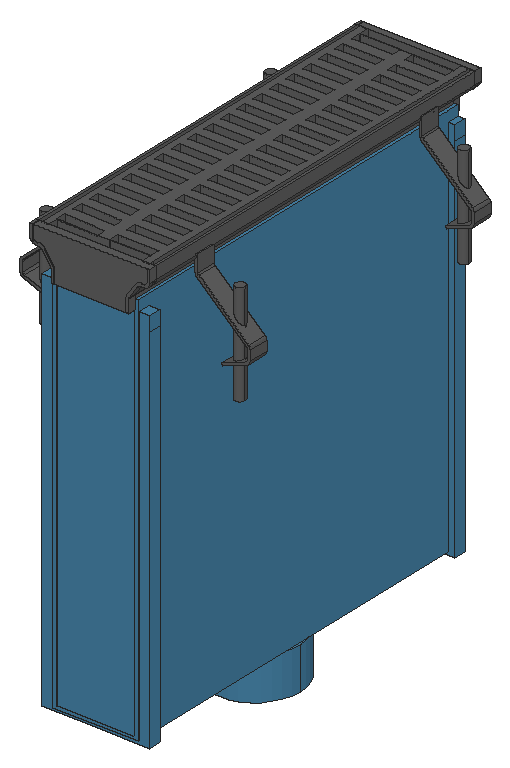
Revit family "Basin_Catch_6X20-Zurn-ZF817-6", category Plumbing Fixtures, Revit 2022
Family settings
  Round Connector Dimension = Use Radius
  Part Type = Normal
  OmniClass Number = 23.70.50.21.24.14
  OmniClass Title = Deck Waste Water Drains
  Work Plane-Based = No
  Always vertical = Yes
  Cut with Voids When Loaded = No
  Maintain Annotation Orientation = No
  Shared = No
  Room Calculation Point = No
Parameters (values of type "ZF817-6 With 4 Inch No Hub Bottom Outlet")
  Waste Connection = 1 = 1  # yes
  WFU = 1  # constant formula
  Vent Connection = 1 = 0  # no
  URL = "www.zurn.com"
  Type Comments = "ZF817-6 With 4 Inch No Hub End Outlet"
  Product data url = "https://www.bimobject.com/en-us/zurnindustries/product/zurn-zf817-6"
  Product Page URL = "https://www.zurn.com/products/drainage-interceptors/trench-drain-systems/catch-basin/zf817-6"
  Product Documentation Link = "https://files.zurn.com/spec-sheets/zf817-6.pdf"
  Pipe Size_A Outer Radius = Pipe Size_A Outer Diameter / 2  # 2.250"
  Pipe Size_A Outer Diameter = 4.500"
  Pipe Size_A Nominal Radius = Pipe Size_A Nominal Diameter / 2  # 2.000"
  Pipe Size_A Nominal Diameter = 4.000"
  Pipe Size_A Inside Radius = Pipe Size_A Inside Diameter / 2  # 2.013"
  Pipe Size_A Inside Diameter = 4.026"
  Modified Date = "12/22/2025"  # constant formula
  Model = "ZF817-6"
  Material_Grate [instance] = Iron - Zurn - Cast - Ductile - Painted Black
  Manufacurer Brand = "Zurn"  # constant formula
  Manufacturer = "Zurn Water, LLC"  # constant formula
  Main Material = Polymer - Zurn - Fiber Reinforced Blue
  HWFU = 0  # constant formula
  HW Connection = 1 = 0  # no
  Grate Open Area = 0 mm
  End Outlet = no
  Description = "6 [152] X 20 [508]  REVEAL  FIBER REINFORCED  POLYMER  CATCH  BASIN"  # constant formula
  Default Elevation = 20.000"  # constant formula
  Date Created = "11/13/2018"  # constant formula
  Connector Radius = Pipe Size_A Nominal Diameter / 2  # 2.000"
  CWFU = 0  # constant formula
  CW Connection = 1 = 0  # no
  Bottom Outlet = yes
  Assembly Code = "D2040300"
  Approx. Weight (Lbs) = 0.000"
Types (4): name | Pipe Size_A Outer Radius | Pipe Size_A Outer Diameter | Pipe Size_A Nominal Radius | Pipe Size_A Nominal Diameter | Pipe Size_A Inside Radius | Pipe Size_A Inside Diameter | End Outlet | Connector Radius | Bottom Outlet
  (no name) | 2.250" | 4.500" | 2.000" | 4.000" | 2.013" | 4.026" | no | 2.000" | yes
  ZF817-6 With 4 Inch No Hub End Outlet | 2.250" | 4.500" | 2.000" | 4.000" | 2.013" | 4.026" | yes | 2.000" | no
  ZF817-6 With 6 Inch No Hub End Outlet | 3.3125" | 6.625" | 3.000" | 6.000" | 3.0325" | 6.065" | yes | 3.000" | no
  ZF817-6 With 4 Inch No Hub Bottom Outlet | 2.250" | 4.500" | 2.000" | 4.000" | 2.013" | 4.026" | no | 2.000" | yes
Reference planes (in)
  plane 1 "Center (Front/Back)": y = 0
  plane 2: z = 0
  plane 3 "Center (Left/Right)": x = 0
  plane 4: x = 3
  plane 5: x = -3
  plane 6: z = -2.325
  plane 7 "Bottom outlet": z = -21.6875
  plane 8: x = -2.125
  plane 9: x = 2.125
  plane 10: z = -0.886
  plane 11: x = -2.864
  plane 12: x = 2.864
  plane 13: x = -1.94
  plane 14: x = 1.94
  plane 15: y = 10.3125
  plane 16: y = -10.3125
  plane 17: y = 9.96235
  plane 18: y = -9.96235
  plane 19: z = -5.07
  plane 20: x = 4.8385
  plane 21: x = -4.8385
  plane 22: y = 6.9975
  plane 23: y = -6.9975
  plane 24: x = 2.681
  plane 25: x = -2.681
  plane 26: z = -17.1875
  plane 27: z = -15.1875
  plane 28: z = -19.1875
  plane 29: y = -2
  plane 30: y = 2
  plane 31 "01": z = -23.6875
  plane 32 "End Outlet": y = -12.1125
  plane 33: x = -2
  plane 34: x = 2
  plane 35: x = 4.3125
  plane 36: x = -4.3125
  plane 37: x = 2.25
  plane 38: x = -2.25
Forms (in)
  Extrusion 1, solid, material "Iron - Zurn - Cast - Ductile - Painted Black" <- "Material_Grate", detail levels fine
    sketch origin (0, 0, 0) x (1, 0, 0) y (0, 0, 1)
      loop
        line (-3, 0) -> (-3, -0.625)
        arc (-3, -0.625) -> (-2.92355, -0.80955) -> (-2.739, -0.886) r 0.261
        line (-2.739, -0.886) -> (-2.60223, -0.886)
        arc (-2.60223, -0.886) -> (-2.48216, -0.91526) -> (-2.38901, -0.99647) r 0.261
        line (-2.38901, -0.99647) -> (-1.96288, -1.60009)
        arc (-1.96288, -1.60009) -> (-1.94586, -1.63436) -> (-1.94, -1.67218) r 0.125
        line (-1.94, -1.67218) -> (-1.94, -2.325) -> (-1.804, -2.325) -> (-1.804, -1.67218)
        arc (-1.804, -1.67218) -> (-1.81623, -1.59321) -> (-1.85178, -1.52165) r 0.261
        line (-1.85178, -1.52165) -> (-2.27791, -0.91804)
        arc (-2.27791, -0.91804) -> (-2.41959, -0.7945) -> (-2.60223, -0.75) r 0.397
        line (-2.60223, -0.75) -> (-2.739, -0.75)
        arc (-2.739, -0.75) -> (-2.82739, -0.71339) -> (-2.864, -0.625) r 0.125
        line (-2.864, -0.625) -> (-2.864, 0) -> (-3, 0)
      loop
        line (3, 0) -> (2.864, 0) -> (2.864, -0.625)
        arc (2.864, -0.625) -> (2.82739, -0.71339) -> (2.739, -0.75) r 0.125
        line (2.739, -0.75) -> (2.60223, -0.75)
        arc (2.60223, -0.75) -> (2.41959, -0.7945) -> (2.27791, -0.91804) r 0.397
        line (2.27791, -0.91804) -> (1.85178, -1.52165)
        arc (1.85178, -1.52165) -> (1.81623, -1.59321) -> (1.804, -1.67218) r 0.261
        line (1.804, -1.67218) -> (1.804, -2.325) -> (1.94, -2.325) -> (1.94, -1.67218)
        arc (1.94, -1.67218) -> (1.94586, -1.63436) -> (1.96288, -1.60009) r 0.125
        line (1.96288, -1.60009) -> (2.38901, -0.99647)
        arc (2.38901, -0.99647) -> (2.48216, -0.91526) -> (2.60223, -0.886) r 0.261
        line (2.60223, -0.886) -> (2.739, -0.886)
        arc (2.739, -0.886) -> (2.92355, -0.80955) -> (3, -0.625) r 0.261
        line (3, -0.625) -> (3, 0)
    from -10.3125 to 10.3125
  Extrusion 2, solid, material "Polymer - Zurn - Fiber Reinforced Blue" <- "Main Material", detail levels fine
    sketch origin (0, 0, 0) x (1, 0, 0) y (0, 0, 1)
      loop
        line (-2.125, -21.5625) -> (2.125, -21.5625) -> (2.125, -1.814) -> (1.94, -1.814) -> (1.94, -21.4265) -> (-1.94, -21.4265) -> (-1.94, -1.79151) -> (-2.125, -1.79151) -> (-2.125, -21.5625)
    from 9.96235 to -9.96235
  Extrusion 3, solid, material "Iron - Zurn - Cast - Ductile - Painted Black" <- "Material_Grate", detail levels fine
    sketch origin (0, 0.16795, 0) x (1, 0, 0) y (0, 0, 1)
      loop
        line (3, -0.5) -> (3, -1.33562)
        arc (3, -1.33562) -> (3.0215, -1.43705) -> (3.0823, -1.52103) r 0.25
        line (3.0823, -1.52103) -> (5.58385, -3.78372)
        arc (5.58385, -3.78372) -> (5.61425, -3.82571) -> (5.625, -3.87642) r 0.125
        line (5.625, -3.87642) -> (5.625, -4.36714)
        arc (5.625, -4.36714) -> (5.60312, -4.43779) -> (5.54514, -4.48371) r 0.125
        line (5.54514, -4.48371) -> (4.33204, -4.95343) -> (4.37717, -5.07) -> (5.59027, -4.60027)
        arc (5.59027, -4.60027) -> (5.70624, -4.50844) -> (5.75, -4.36714) r 0.25
        line (5.75, -4.36714) -> (5.75, -3.87642)
        arc (5.75, -3.87642) -> (5.7285, -3.77499) -> (5.6677, -3.69101) r 0.25
        line (5.6677, -3.69101) -> (3.16615, -1.42833)
        arc (3.16615, -1.42833) -> (3.13575, -1.38634) -> (3.125, -1.33562) r 0.125
        line (3.125, -1.33562) -> (3.125, -0.5) -> (3, -0.5)
      loop
        line (-3, -0.5) -> (-3.125, -0.5) -> (-3.125, -1.33562)
        arc (-3.125, -1.33562) -> (-3.13575, -1.38634) -> (-3.16615, -1.42833) r 0.125
        line (-3.16615, -1.42833) -> (-5.6677, -3.69101)
        arc (-5.6677, -3.69101) -> (-5.7285, -3.77499) -> (-5.75, -3.87642) r 0.25
        line (-5.75, -3.87642) -> (-5.75, -4.36714)
        arc (-5.75, -4.36714) -> (-5.70624, -4.50844) -> (-5.59027, -4.60027) r 0.25
        line (-5.59027, -4.60027) -> (-4.37717, -5.07) -> (-4.33204, -4.95343) -> (-5.54514, -4.48371)
        arc (-5.54514, -4.48371) -> (-5.60312, -4.43779) -> (-5.625, -4.36714) r 0.125
        line (-5.625, -4.36714) -> (-5.625, -3.87642)
        arc (-5.625, -3.87642) -> (-5.61425, -3.82571) -> (-5.58385, -3.78372) r 0.125
        line (-5.58385, -3.78372) -> (-3.0823, -1.52103)
        arc (-3.0823, -1.52103) -> (-3.0215, -1.43705) -> (-3, -1.33562) r 0.25
        line (-3, -1.33562) -> (-3, -0.5)
    from 7.66545 to 6.66545
  Extrusion 4, solid, material "Iron - Zurn - Cast - Ductile - Painted Black" <- "Material_Grate", detail levels fine
    sketch origin (0.03117, -5.67794, -6.564) x (-1, 0, 0) y (0, -1, 0)
      loop
        circle (-4.80733, 1.31956) r 0.25
      loop
        circle (4.86967, 1.31956) r 0.25
      loop
        circle (-4.80733, -12.67544) r 0.25
      loop
        circle (4.86967, -12.67544) r 0.25
    from 0 to 5.064
  Extrusion 5, solid, material "Iron - Zurn - Cast - Ductile - Painted Black" <- "Material_Grate", detail levels fine
    sketch origin (0, 0.12227, 0) x (1, 0, 0) y (0, 0, 1)
      loop
        line (-3.125, -0.5) -> (-3.125, -1.33562)
        arc (-3.125, -1.33562) -> (-3.13575, -1.38634) -> (-3.16615, -1.42833) r 0.125
        line (-3.16615, -1.42833) -> (-5.6677, -3.69101)
        arc (-5.6677, -3.69101) -> (-5.7285, -3.77499) -> (-5.75, -3.87642) r 0.25
        line (-5.75, -3.87642) -> (-5.75, -4.36714)
        arc (-5.75, -4.36714) -> (-5.70624, -4.50844) -> (-5.59027, -4.60027) r 0.25
        line (-5.59027, -4.60027) -> (-4.37717, -5.07) -> (-4.33204, -4.95343) -> (-5.54514, -4.48371)
        arc (-5.54514, -4.48371) -> (-5.60312, -4.43779) -> (-5.625, -4.36714) r 0.125
        line (-5.625, -4.36714) -> (-5.625, -3.87642)
        arc (-5.625, -3.87642) -> (-5.61425, -3.82571) -> (-5.58385, -3.78372) r 0.125
        line (-5.58385, -3.78372) -> (-3.0823, -1.52103)
        arc (-3.0823, -1.52103) -> (-3.0215, -1.43705) -> (-3, -1.33562) r 0.25
        line (-3, -1.33562) -> (-3, -0.5) -> (-3.125, -0.5)
      loop
        line (5.6677, -3.69101) -> (3.16615, -1.42833)
        arc (3.16615, -1.42833) -> (3.13575, -1.38634) -> (3.125, -1.33562) r 0.125
        line (3.125, -1.33562) -> (3.125, -0.5) -> (3, -0.5) -> (3, -1.33562)
        arc (3, -1.33562) -> (3.0215, -1.43705) -> (3.0823, -1.52103) r 0.25
        line (3.0823, -1.52103) -> (5.58385, -3.78372)
        arc (5.58385, -3.78372) -> (5.61425, -3.82571) -> (5.625, -3.87642) r 0.125
        line (5.625, -3.87642) -> (5.625, -4.36714)
        arc (5.625, -4.36714) -> (5.60312, -4.43779) -> (5.54514, -4.48371) r 0.125
        line (5.54514, -4.48371) -> (4.33204, -4.95343) -> (4.37717, -5.07) -> (5.59027, -4.60027)
        arc (5.59027, -4.60027) -> (5.70624, -4.50844) -> (5.75, -4.36714) r 0.25
        line (5.75, -4.36714) -> (5.75, -3.87642)
        arc (5.75, -3.87642) -> (5.7285, -3.77499) -> (5.6677, -3.69101) r 0.25
    from -7.37523 to -6.37523
  Extrusion 6, solid, material "Polymer - Zurn - Fiber Reinforced Blue" <- "Main Material", detail levels fine
    sketch origin (0, 0, 0) x (1, 0, 0) y (0, 0, 1)
      loop
        line (-2.125, -2.325) -> (-2.5, -2.325) -> (-2.5, -3.04151) -> (-2.5, -21.6875) -> (0, -21.6875) -> (2.5, -21.6875) -> (2.5, -3.04151) -> (2.5, -2.325) -> (-1.99961, -2.325) -> (-2.125, -2.325)
    from -9.34249 to -9.96235
  Extrusion 7, solid, material "Polymer - Zurn - Fiber Reinforced Blue" <- "Main Material", detail levels fine
    sketch origin (0, 0, 0) x (1, 0, 0) y (0, 0, -1)
      loop
        line (-2.125, 2.325) -> (-1.99961, 2.325) -> (2.681, 2.325) -> (2.681, 3.04151) -> (2.681, 21.6875) -> (0, 21.6875) -> (-2.681, 21.6875) -> (-2.681, 3.04151) -> (-2.681, 2.325) -> (-2.125, 2.325)
    from -9.34249 to -9.96235
  Extrusion 8, solid, material "Iron - Zurn - Cast - Ductile - Painted Black" <- "Material_Grate", detail levels fine
    sketch origin (0, 0, 0) x (1, 0, 0) y (0, 0, 1)
      loop
        line (1.96288, -1.60009) -> (2.38901, -0.99647)
        arc (2.38901, -0.99647) -> (2.48216, -0.91526) -> (2.60223, -0.886) r 0.261
        line (2.60223, -0.886) -> (2.739, -0.886)
        arc (2.739, -0.886) -> (2.92355, -0.80955) -> (3, -0.625) r 0.261
        line (3, -0.625) -> (3, 0) -> (-3, 0) -> (-3, -0.625)
        arc (-3, -0.625) -> (-2.92355, -0.80955) -> (-2.739, -0.886) r 0.261
        line (-2.739, -0.886) -> (-2.60223, -0.886)
        arc (-2.60223, -0.886) -> (-2.48216, -0.91526) -> (-2.38901, -0.99647) r 0.261
        line (-2.38901, -0.99647) -> (-1.96288, -1.60009)
        arc (-1.96288, -1.60009) -> (-1.94586, -1.63436) -> (-1.94, -1.67218) r 0.125
        line (-1.94, -1.67218) -> (-1.94, -2.325) -> (1.94, -2.325) -> (1.94, -1.67218)
        arc (1.94, -1.67218) -> (1.94586, -1.63436) -> (1.96288, -1.60009) r 0.125
    from 9.96235 to 10.3125
  Extrusion 9, solid, material "Iron - Zurn - Cast - Ductile - Painted Black" <- "Material_Grate", detail levels fine
    sketch origin (0, 0, 0) x (1, 0, 0) y (0, 0, -1)
      loop
        arc (1.96288, 1.60009) -> (1.94586, 1.63436) -> (1.94, 1.67218) r 0.125
        line (1.94, 1.67218) -> (1.94, 2.325) -> (-1.94, 2.325) -> (-1.94, 1.67218)
        arc (-1.94, 1.67218) -> (-1.94586, 1.63436) -> (-1.96288, 1.60009) r 0.125
        line (-1.96288, 1.60009) -> (-2.38901, 0.99647)
        arc (-2.38901, 0.99647) -> (-2.48216, 0.91526) -> (-2.60223, 0.886) r 0.261
        line (-2.60223, 0.886) -> (-2.739, 0.886)
        arc (-2.739, 0.886) -> (-2.92355, 0.80955) -> (-3, 0.625) r 0.261
        line (-3, 0.625) -> (-3, 0) -> (3, 0) -> (3, 0.625)
        arc (3, 0.625) -> (2.92355, 0.80955) -> (2.739, 0.886) r 0.261
        line (2.739, 0.886) -> (2.60223, 0.886)
        arc (2.60223, 0.886) -> (2.48216, 0.91526) -> (2.38901, 0.99647) r 0.261
        line (2.38901, 0.99647) -> (1.96288, 1.60009)
    from 9.96235 to 10.3125
  Extrusion 10, solid, material "Polymer - Zurn - Fiber Reinforced Blue" <- "Main Material", visible <- "Bottom Outlet", detail levels fine
    sketch origin (0, 0, -21.6875) x (-1, 0, 0) y (0, -1, 0)
      loop
        circle (0.00035, 0) r 2.25
      loop
        circle (0.0007, 0) r 2.013
    from 0.125 to -2
  Extrusion 11, solid, material "Polymer - Zurn - Fiber Reinforced Blue" <- "Main Material", visible <- "End Outlet", detail levels fine
    sketch origin (0, 0, 0) x (1, 0, 0) y (0, 0, 1)
      loop
        circle (0, -17.1875) r 2.25
      loop
        circle (0, -17.1875) r 2.013
    from 9.96235 to 12.1125
Lines and regions (in)
  Masking region 1, detail levels fine
    outline origin (0, 0, 0) x (1, 0, 0) y (0, 1, 0)
      loop
        line (3, 10.3125) -> (-3, 10.3125) -> (-3, 7.4975) -> (-5.75, 7.4975) -> (-5.75, 6.4975) -> (-3, 6.4975) -> (-3, -6.4975) -> (-5.75, -6.4975) -> (-5.75, -7.4975) -> (-3, -7.4975) -> (-3, -10.3125) -> (3, -10.3125) -> (3, -7.4975) -> (5.75, -7.4975) -> (5.75, -6.4975) -> (3, -6.4975) -> (3, 6.4975) -> (5.75, 6.4975) -> (5.75, 7.4975) -> (3, 7.4975) -> (3, 10.3125)
  Masking region 2, visible <- "End Outlet", detail levels fine
    outline origin (0, 0, 0) x (1, 0, 0) y (0, 1, 0)
      loop
        line (-2.25, -12.1125) -> (2.25, -12.1125) -> (2.25, -9.96235) -> (-2.25, -9.96235) -> (-2.25, -12.1125)
  model lines, detail levels coarse+medium
    curve 1: line (-2.681, 9.96235, 0) -> (2.6791, 9.96235, 0)
    curve 2: line (-2.681, -9.96235, 0) -> (-2.681, 9.96235, 0)
    curve 3: line (2.6791, -9.96235, 0) -> (-2.681, -9.96235, 0)
    curve 4: line (2.6791, 9.96235, 0) -> (2.6791, -9.96235, 0)
    curve 5: line (-2.681, 8.96611, 0) -> (2.6791, 8.96611, 0)
    curve 6: line (2.6791, 7.96988, 0) -> (-2.681, 7.96988, 0)
    curve 7: line (-2.681, 6.97364, 0) -> (2.6791, 6.97364, 0)
    curve 8: line (2.6791, 5.97741, 0) -> (-2.681, 5.97741, 0)
    curve 9: line (-2.681, 4.98117, 0) -> (2.6791, 4.98117, 0)
    curve 10: line (2.6791, 3.98494, 0) -> (-2.681, 3.98494, 0)
    curve 11: line (-2.681, 2.9887, 0) -> (2.6791, 2.9887, 0)
    curve 12: line (2.6791, 1.99247, 0) -> (-2.681, 1.99247, 0)
    curve 13: line (-2.681, 0.99623, 0) -> (2.6791, 0.99623, 0)
    curve 14: line (2.6791, 0, 0) -> (-2.681, 0, 0)
    curve 15: line (-2.681, -8.96612, 0) -> (2.6791, -8.96612, 0)
    curve 16: line (2.6791, -7.96988, 0) -> (-2.681, -7.96988, 0)
    curve 17: line (-2.681, -6.97365, 0) -> (2.6791, -6.97365, 0)
    curve 18: line (2.6791, -5.97741, 0) -> (-2.681, -5.97741, 0)
    curve 19: line (-2.681, -4.98118, 0) -> (2.6791, -4.98118, 0)
    curve 20: line (2.6791, -3.98494, 0) -> (-2.681, -3.98494, 0)
    curve 21: line (-2.681, -2.98871, 0) -> (2.6791, -2.98871, 0)
    curve 22: line (2.6791, -1.99247, 0) -> (-2.681, -1.99247, 0)
    curve 23: line (-2.681, -0.99624, 0) -> (2.6791, -0.99624, 0)
    curve 24: line (-1.34098, 9.96235, 0) -> (-1.34098, -9.96235, 0)
    curve 25: line (1.33907, -9.96235, 0) -> (1.33907, 9.96235, 0)
    curve 26: line (-0.00095, 9.96235, 0) -> (-0.00095, -9.96235, 0)
    curve 27: line (0, -10.3125, 0) -> (0, -10.3125, -2.325)
    curve 28: line (0, -10.3125, -2.325) -> (0, -9.96235, -2.325)
    curve 29: line (0, -9.96235, -2.325) -> (0, -9.96235, -21.6875)
    curve 30: line (0, 9.96235, -21.6875) -> (0, 9.96235, -2.325)
    curve 31: line (0, 9.96235, -2.325) -> (0, 10.3125, -2.325)
    curve 32: line (0, 10.3125, -2.325) -> (0, 10.3125, 0)
    curve 33: line (-3, 10.3125, 0) -> (3, 10.3125, 0)
    curve 34: line (-3, -10.3125, 0) -> (-3, 10.3125, 0)
    curve 35: line (3, -10.3125, 0) -> (-3, -10.3125, 0)
    curve 36: line (3, 10.3125, 0) -> (3, -10.3125, 0)
    curve 43: line (0, 9.34249, -21.6875) -> (0, 9.96235, -21.6875)
    curve 44: line (0, -9.34249, -21.5625) -> (0, 9.34249, -21.5625)
    curve 45: line (0, -9.34249, -21.6875) -> (0, -9.34249, -21.5625)
    curve 46: line (0, 9.34249, -21.6875) -> (0, 9.34249, -21.5625)
    curve 47: line (0, -9.34249, -21.6875) -> (0, -9.96235, -21.6875)
  model lines, visible <- "Bottom Outlet", detail levels coarse+medium
    curve 37: line (0, -1.99247, -23.6875) -> (0, 2, -23.6875)
    curve 38: line (-2, 0, -23.6875) -> (2, 0, -23.6875)
    curve 39: line (0, 0, -23.6875) -> (0, 0, -21.6875)
  model lines, visible <- "End Outlet", detail levels coarse+medium
    curve 40: line (0, -9.96235, -17.1875) -> (0, -12.1125, -17.1875)
    curve 41: line (0, -12.1125, -15.1875) -> (0, -12.1125, -19.1875)
    curve 42: line (-2, -12.1125, -17.1875) -> (2, -12.1125, -17.1875)
Dimensions and locks (in)
  equal spacing: plane 5, plane 3 "Center (Left/Right)", plane 4
  locked: plane 5 to plane 4 at 6
  locked: level to plane 6 at 2.325
  locked: level to plane 7 "Bottom outlet" at 21.6875
  equal spacing: plane 8, plane 3 "Center (Left/Right)", plane 9
  locked: plane 8 to plane 9 at 4.25
  locked: level to plane 10 at 0.886
  locked: Extrusion 1 sketch curve to Extrusion 1 sketch curve at 0.13677  (x2)
  locked: plane 3 "Center (Left/Right)" to Extrusion 1 sketch curve at 1.94  (x2)
  locked: Extrusion 1 sketch curve to Extrusion 1 sketch curve at 0.136  (x6)
  locked: plane 11 to plane 5 at 0.136
  locked: plane 4 to plane 12 at 0.136
  equal spacing: plane 13, plane 3 "Center (Left/Right)", plane 14
  locked: plane 13 to plane 14 at 3.88
  locked: Extrusion 2 sketch curve to Extrusion 2 sketch curve at 0.136
  Extrusion 2 to plane 1 "Center (Front/Back)" to Extrusion 2 = 9.96235" locked, 9.96235" locked
  equal spacing: plane 15, plane 1 "Center (Front/Back)", plane 16, locked at 10.3125 each
  locked: plane 15 to plane 16 at 20.625
  locked: Extrusion 3 sketch curve to Extrusion 3 sketch curve at 0.125  (x6)
  locked: Extrusion 3 to Extrusion 3 at 1
  equal spacing: plane 17, plane 1 "Center (Front/Back)", plane 18, locked at 9.96235 each
  locked: level to plane 19 at 5.07
  locked: Extrusion 3 sketch curve to plane 4 at 2.75
  locked: Extrusion 3 sketch curve to plane 19 at 1.19358  (x2)
  locked: level to Extrusion 3 sketch curve at 0.5  (x2)
  locked: Extrusion 5 to Extrusion 5 at 1
  plane 15 to Extrusion 5 to Extrusion 5 to Extrusion 3 to Extrusion 3 to plane 16 = 2.815" locked, 1.000" locked, 12.995" locked, 1.000" locked, 2.815" locked
  plane 16 to Extrusion 3 to Extrusion 3 to Extrusion 5 to Extrusion 5 to plane 15 = 2.815" locked, 1.000" locked, 12.995" locked, 1.000" locked, 2.815" locked
  locked: plane 4 to plane 20 at 1.8385
  locked: plane 21 to plane 5 at 1.8385
  locked: plane 22 to plane 15 at 3.315
  locked: plane 16 to plane 23 at 3.315
  locked: plane 4 to Extrusion 6 sketch curve at 0.5
  locked: Extrusion 6 sketch curve to plane 5 at 0.5
  locked: Extrusion 2 sketch curve to plane 7 "Bottom outlet" at 0.125
  nested 1 to plane 24 = 0.33135"
  plane 25 to nested 1 to plane 24 = 2.68065" locked, 2.68135" locked
  equal spacing: plane 18, curve 15, curve 16, curve 17, curve 18, curve 19, curve 20, curve 21, curve 22, curve 23, curve 14, curve 13, curve 12, curve 11, curve 10, curve 9, curve 8, curve 7, curve 6, curve 5, plane 17, locked at 0.99623 each
  equal spacing: curve 2, curve 24, curve 26, curve 25, curve 4, locked at 1.34002 each
  locked: plane 26 to plane 7 "Bottom outlet" at 4.5
  equal spacing: plane 27, plane 26, plane 28
  "Pipe Size_A Nominal Diameter": plane 27 to plane 28
  equal spacing: plane 29, plane 1 "Center (Front/Back)", plane 30
  "Pipe Size_A Nominal Diameter": plane 29 to plane 30
  locked: plane 7 "Bottom outlet" to plane 31 "01" at 2
  locked: plane 16 to plane 32 "End Outlet" at 1.8
  equal spacing: plane 33, plane 3 "Center (Left/Right)", plane 34
  "Pipe Size_A Nominal Diameter": plane 33 to plane 34
  equal spacing: plane 38, plane 3 "Center (Left/Right)", plane 37
  "Pipe Size_A Outer Diameter": plane 38 to plane 37
  plane 33 to plane 34 = 4.000"
  Extrusion 7 sketch curve to plane 3 "Center (Left/Right)" to Extrusion 7 sketch curve = 2.681", 2.681"
  Extrusion 8 to Masking region 2 = 5.250"
  curve 44 to plane 7 "Bottom outlet" = 0.125"
  locked: curve 45 to curve 29 at 0.61986
  locked: curve 30 to curve 46 at 0.61986
  radius of Extrusion 4 sketch curve = 0.250"  (x2)
  "Pipe Size_A Inside Radius": radius of Extrusion 10 sketch curve
  "Pipe Size_A Outer Radius": radius of Extrusion 10 sketch curve
  "Pipe Size_A Outer Radius": radius of Extrusion 11 sketch curve
  "Pipe Size_A Inside Radius": radius of Extrusion 11 sketch curve
  aligned and locked: plane 2 to level
  aligned and locked: Extrusion 1 sketch curve to plane 10
  aligned and locked: Extrusion 1 sketch curve to plane 6
  aligned and locked: Extrusion 1 sketch curve to level
  aligned and locked: Extrusion 1 sketch curve to plane 5
  aligned and locked: Extrusion 2 sketch curve to plane 13
  aligned and locked: Extrusion 2 sketch curve to plane 8
  aligned and locked: Extrusion 2 sketch curve to plane 14
  aligned and locked: Extrusion 2 sketch curve to plane 9
  aligned and locked: plane 17 to nested 1
  aligned and locked: plane 18 to nested 1  (x2)
  aligned and locked: level to nested 1
  aligned and locked: plane 19 to Extrusion 3 sketch curve
  aligned and locked: Extrusion 3 sketch curve to plane 19
  aligned and locked: Extrusion 5 sketch curve to Extrusion 3  (x18)
  aligned and locked: plane 23 to Extrusion 4 sketch curve  (x2)
  aligned and locked: plane 20 to Extrusion 4 sketch curve  (x2)
  aligned and locked: plane 22 to Extrusion 4 sketch curve  (x2)
  aligned and locked: plane 21 to Extrusion 4 sketch curve  (x2)
  aligned and locked: plane 17 to Extrusion 6
  aligned and locked: Extrusion 8 sketch curve to Extrusion 1  (x9)
  aligned and locked: Extrusion 8 sketch curve to plane 6
  aligned and locked: plane 16 to Extrusion 8
  aligned and locked: Extrusion 8 to plane 18
  aligned and locked: Extrusion 8 to plane 6
  aligned and locked: level to Extrusion 8
  aligned and locked: nested 1 to plane 25  (x2)
  aligned and locked: Extrusion 7 to plane 24
  aligned and locked: nested 1 to plane 24
  aligned and locked: curve 1 to plane 17
  aligned and locked: curve 3 to plane 18
  aligned and locked: curve 2 to plane 25
  aligned and locked: curve 27 to plane 16
  aligned and locked: plane 15 to curve 32
  aligned and locked: plane 6 to curve 28
  aligned and locked: plane 6 to curve 31
  aligned and locked: curve 30 to plane 17
  aligned and locked: curve 29 to plane 18
  aligned and locked: curve 35 to plane 16
  aligned and locked: curve 34 to plane 5
  aligned and locked: plane 4 to curve 36
  aligned and locked: plane 15 to curve 33
  aligned and locked: Masking region 1 sketch curve to Extrusion 9
  aligned and locked: Masking region 1 sketch curve to Extrusion 5  (x4)
  aligned and locked: Extrusion 5 to Masking region 1 sketch curve  (x2)
  aligned and locked: Extrusion 3 to Masking region 1 sketch curve  (x2)
  aligned and locked: Masking region 1 sketch curve to Extrusion 3  (x4)
  aligned and locked: plane 5 to Masking region 1 sketch curve  (x3)
  aligned and locked: plane 4 to Masking region 1 sketch curve  (x3)
  aligned and locked: plane 1 "Center (Front/Back)" to Extrusion 10 sketch curve  (x2)
  aligned and locked: nested 1 to Extrusion 10 sketch curve
  aligned and locked: Extrusion 10 to plane 31 "01"
  aligned and locked: plane 3 "Center (Left/Right)" to Extrusion 11 sketch curve  (x2)
  aligned and locked: plane 26 to Extrusion 11 sketch curve  (x2)
  aligned and locked: Extrusion 10 to Extrusion 2
  aligned and locked: plane 32 "End Outlet" to Extrusion 11
  aligned and locked: plane 30 to curve 37
  aligned and locked: plane 3 "Center (Left/Right)" to curve 37
  aligned and locked: plane 33 to curve 38
  aligned and locked: plane 34 to curve 38
  aligned and locked: plane 1 "Center (Front/Back)" to curve 38
  aligned and locked: plane 31 "01" to curve 39
  aligned and locked: plane 7 "Bottom outlet" to curve 39
  aligned and locked: plane 3 "Center (Left/Right)" to curve 39
  aligned and locked: plane 32 "End Outlet" to curve 40
  aligned and locked: Extrusion 7 to curve 40
  aligned and locked: plane 26 to curve 40
  aligned and locked: plane 33 to curve 42
  aligned and locked: plane 34 to curve 42
  aligned and locked: curve 42 to plane 26
  aligned and locked: plane 27 to curve 41
  aligned and locked: plane 28 to curve 41
  aligned and locked: curve 41 to plane 3 "Center (Left/Right)"
  aligned and locked: Extrusion 11 to Extrusion 2
  aligned and locked: plane 32 "End Outlet" to Masking region 2 sketch curve
  aligned and locked: plane 7 "Bottom outlet" to Extrusion 7 sketch curve
  aligned and locked: plane 6 to Extrusion 7 sketch curve  (x2)
  aligned and locked: Masking region 2 sketch curve to plane 38
  aligned and locked: plane 37 to Masking region 2 sketch curve
  aligned and locked: Masking region 2 sketch curve to plane 18
  aligned and locked: Masking region 1 sketch curve to Extrusion 8
  aligned and locked: curve 43 to Extrusion 6
  aligned and locked: Extrusion 2 to curve 44
  aligned and locked: plane 7 "Bottom outlet" to curve 43
  aligned and locked: curve 47 to plane 7 "Bottom outlet"
Automatic sketch dimensions
  Extrusion 1 sketch curve to Extrusion 1 sketch curve = 0.000"  (x12)
  Extrusion 1 sketch curve to plane 10 = 0.000"
  Extrusion 1 sketch curve to plane 12 = 0.000"
  Extrusion 1 sketch curve to plane 6 = 0.000"
  Extrusion 1 sketch curve to level = 0.000"
  plane 25 to Extrusion 1 sketch curve = 0.058"
  Extrusion 1 sketch curve to plane 10 = 0.11047"  (x2)
  Extrusion 1 sketch curve to Extrusion 1 sketch curve = 0.21322"
  Extrusion 1 sketch curve to plane 10 = 0.03204"  (x2)
  plane 8 to Extrusion 1 sketch curve = 0.060"
  Extrusion 1 sketch curve to plane 13 = 0.02288"
  plane 13 to Extrusion 1 sketch curve = 0.08822"
  Extrusion 1 sketch curve to plane 14 = 0.08822"
  plane 14 to Extrusion 1 sketch curve = 0.02288"
  Extrusion 1 sketch curve to plane 9 = 0.060"
  plane 9 to Extrusion 1 sketch curve = 0.15291"
  plane 24 to Extrusion 1 sketch curve = 0.07877"
  plane 6 to Extrusion 1 sketch curve = 0.65282"
  Extrusion 1 sketch curve to Extrusion 1 sketch curve = 0.65282"
  plane 6 to Extrusion 2 sketch curve = 0.511"
  plane 6 to Extrusion 2 sketch curve = 0.53349"
  Extrusion 3 sketch curve to Extrusion 3 sketch curve = 0.000"  (x11)
  Extrusion 3 sketch curve to plane 5 = 0.000"
  Extrusion 3 sketch curve to plane 4 = 0.000"
  Extrusion 3 sketch curve to Extrusion 3 sketch curve = 0.04115"  (x2)
  Extrusion 3 sketch curve to Extrusion 3 sketch curve = 0.08385"
  plane 21 to Extrusion 3 sketch curve = 0.50646"
  Extrusion 3 sketch curve to Extrusion 3 sketch curve = 0.04514"  (x2)
  Extrusion 3 sketch curve to plane 21 = 0.6615"
  Extrusion 3 sketch curve to level = 4.48371"
  plane 4 to Extrusion 3 sketch curve = 0.0823"
  Extrusion 3 sketch curve to plane 20 = 0.50646"
  Extrusion 3 sketch curve to Extrusion 3 sketch curve = 0.125"  (x2)
  Extrusion 5 sketch curve to Extrusion 5 sketch curve = 0.0427"
  plane 19 to Extrusion 5 sketch curve = 0.46973"  (x2)
  Extrusion 5 sketch curve to Extrusion 5 sketch curve = 0.04115"  (x4)
  plane 19 to Extrusion 5 sketch curve = 0.58629"  (x2)
  Extrusion 5 sketch curve to plane 5 = 0.0823"
  plane 4 to Extrusion 5 sketch curve = 0.0823"
  Extrusion 5 sketch curve to Extrusion 5 sketch curve = 0.08385"
  Extrusion 6 sketch curve to plane 6 = 0.000"
  Extrusion 6 sketch curve to plane 8 = 0.000"
  Extrusion 6 sketch curve to plane 3 "Center (Left/Right)" = 0.000"
  Extrusion 6 sketch curve to plane 7 "Bottom outlet" = 0.000"
  Extrusion 6 sketch curve to plane 13 = 0.05961"
  Extrusion 6 sketch curve to Extrusion 6 sketch curve = 0.71651"  (x2)
  Extrusion 9 sketch curve to level = 0.000"
  Extrusion 9 sketch curve to plane 5 = 0.000"
  Extrusion 9 sketch curve to plane 10 = 0.000"  (x2)
  Extrusion 9 sketch curve to plane 13 = 0.000"  (x2)
  Extrusion 9 sketch curve to plane 6 = 0.000"  (x3)
  Extrusion 9 sketch curve to plane 14 = 0.000"  (x2)
  Extrusion 9 sketch curve to plane 4 = 0.000"
  plane 25 to Extrusion 9 sketch curve = 0.058"
  Extrusion 9 sketch curve to plane 25 = 0.07877"
  Extrusion 9 sketch curve to plane 10 = 0.11047"  (x2)
  Extrusion 9 sketch curve to Extrusion 9 sketch curve = 0.21322"
  plane 8 to Extrusion 9 sketch curve = 0.060"
  Extrusion 9 sketch curve to plane 13 = 0.02288"
  plane 14 to Extrusion 9 sketch curve = 0.02288"
  Extrusion 9 sketch curve to plane 9 = 0.060"
  plane 9 to Extrusion 9 sketch curve = 0.26401"
  plane 24 to Extrusion 9 sketch curve = 0.07877"
  Extrusion 9 sketch curve to plane 24 = 0.058"
  Extrusion 9 sketch curve to plane 10 = 0.71409"  (x2)
  plane 24 to curve 4 = 0.0019"
  curve 37 to plane 29 = 0.00753"
  Extrusion 7 sketch curve to plane 8 = 0.000"
  Extrusion 7 sketch curve to plane 3 "Center (Left/Right)" = 0.000"
  Extrusion 7 sketch curve to plane 13 = 0.05961"
  Extrusion 7 sketch curve to Extrusion 7 sketch curve = 0.71651"  (x2)
  Extrusion 8 sketch curve to plane 10 = 0.11047"  (x2)
  Extrusion 8 sketch curve to plane 13 = 0.02288"
  plane 14 to Extrusion 8 sketch curve = 0.02288"
  curve 32 to level = 0.000"
  curve 27 to level = 0.000"
  Extrusion 10 sketch curve to Extrusion 10 sketch curve = 0.00035"
  Extrusion 11 sketch curve to Extrusion 11 sketch curve = 0.000"
  radius of Extrusion 4 sketch curve = 0.250"  (x2)
Nested families (in)
  nested 1: "Grate" at (-0.00035, 0, 1), type "Grate", detail levels fine
    with Material_Grate Iron - Zurn - Cast - Ductile - Painted Black, Frame Adjustment Height 3.063", Enter Value-Frame Adjustment Height 0.000"
Connectors (in)
  piping at (-0.00035, 0, -23.6875), diameter 4, driven by "Pipe Size_A Nominal Radius", driven by "Waste Connection", driven by "Waste Connection"
    settings: on Extrusion 10, index 1, connector inside diameter 24", connector length 0.000", flow factor 0, pipe flow 0 GPM, pressure drop 0.00 psi, fitting loss kfactor 0, connector angle 0.00°, fixture units 0, engagement length 0.000", angle of deflection 0.00°, flow configuration 0, flow direction 2, fitting loss method 0, system type 16, joint type 0, gender type 0, connector reference index -1, connector utility 1, adjustable connector yes, is connector primary yes, connector description "Sanitary Outlet"
  piping at (0, -12.1125, -17.1875), diameter 4, driven by "Pipe Size_A Nominal Radius", driven by "Waste Connection", driven by "Waste Connection"
    settings: on Extrusion 11, index 2, connector inside diameter 24", connector length 0.000", flow factor 0, pipe flow 0 GPM, pressure drop 0.00 psi, fitting loss kfactor 0, connector angle 0.00°, fixture units 0, engagement length 0.000", angle of deflection 0.00°, flow configuration 0, flow direction 2, fitting loss method 0, system type 16, joint type 0, gender type 0, connector reference index -1, connector utility 1, adjustable connector yes, is connector primary no, connector description "Sanitary Outlet"
Definition of nested family "Grate"
  Parameters (values of type "Grate")
    Waste Connection = 1 = 1  # yes
    WFU = 1  # constant formula
    Vent Connection = 1 = 0  # no
    URL = "www.zurn.com"
    Product data url = ""
    Product Page URL = ""
    Product Installation Sheet URL = ""
    Product Documentation Link = ""
    Pipe Size_A Outer Diameter = 0.000"
    Pipe Size_A Nominal Diameter = 0.000"
    Pipe Size_A Inside Diameter = 0.000"
    Modified Date = ""
    Material_Grate [instance] = none
    Manufacurer Brand = "Zurn"  # constant formula
    Manufacturer = "Zurn Water, LLC"  # constant formula
    Main Material = none
    HWFU = 0  # constant formula
    HW Connection = 1 = 0  # no
    Grate Open Area = 0 mm
    Frame Adjustment Height [instance] = if([Enter Value-Frame Adjustment Height] < 3.063", 3.063", if([Enter Value-Frame Adjustment Height] > 5.000", 5.000", [Enter Value-Frame Adjustment Height]))  # 3.063"
    Enter Value-Frame Adjustment Height [instance] = 0.000"
    Default Elevation = 20.000"  # constant formula
    Date Created = ""
    Connector Radius = Pipe Size_A Nominal Diameter / 2  # 0.000"
    CWFU = 0  # constant formula
    CW Connection = 1 = 0  # no
    Body Height_E = 0.000"
    Assembly Code = ""
    Approx. Weight (Lbs) = 0.000"
  Reference planes (in)
    plane 1 "Center (Front/Back)": y = 0
    plane 2: z = 0
    plane 3 "Center (Left/Right)": x = 0
    plane 4: y = -8.42968
    plane 5: y = -17.64041
    plane 6: y = -18.85253
    plane 7: x = 2.35
    plane 8: x = -2.35
    plane 9: x = -0.3
    plane 10: x = 0.3
    plane 11: y = -7.4079
    plane 12: y = -7.91879
    plane 13: y = -6.89701
    plane 14: y = -6.89701
    plane 15: y = -5.87523
    plane 16: y = -6.38612
    plane 17: y = -4.85345
    plane 18: y = -5.36434
    plane 19: y = -3.83167
    plane 20: y = -4.34256
    plane 21: y = 8.94057
    plane 22: y = 9.45146
    plane 23: y = 6.89701
    plane 24: y = 7.4079
    plane 25: y = 4.85345
    plane 26: y = 5.36434
    plane 27: y = -0.25544
    plane 28: y = 0.25544
    plane 29: y = -1.27722
    plane 30: y = -0.76633
    plane 31: y = -2.299
    plane 32: y = -1.78811
    plane 33: y = -3.32078
    plane 34: y = -2.80989
    plane 35: y = -9.45146
    plane 36: y = -8.94057
    plane 37: y = 9.96235
    plane 38: y = -9.96235
    plane 39: y = 3.83167
    plane 40: y = 4.34256
    plane 41: y = 2.80989
    plane 42: y = 3.32078
    plane 43: y = 1.78811
    plane 44: y = 2.299
    plane 45: y = 0.76633
    plane 46: y = 1.27722
    plane 47: y = 5.87523
    plane 48: y = 6.38612
    plane 49: y = 7.91879
    plane 50: y = 8.42968
  Forms (in)
    Extrusion 1, solid, material <- "Material_Grate"
      sketch origin (32.60582, 37.7453, 0) x (1, 0, 0) y (0, 1, 0)
        loop
          line (-35.28647, -47.5) -> (-35.28647, -47.70765) -> (-34.95582, -47.70765) -> (-34.95582, -47.20765) -> (-30.25582, -47.20765) -> (-30.25582, -47.70765) -> (-29.92517, -47.70765) -> (-29.92517, -47.5) -> (-29.92517, -27.78295) -> (-30.25582, -27.78295) -> (-30.25582, -28.28295) -> (-34.95582, -28.28295) -> (-34.95582, -27.78295) -> (-35.28647, -27.78295) -> (-35.28647, -47.5)
        loop
          line (-32.30582, -46.17498) -> (-30.25582, -46.17498) -> (-30.25582, -45.66409) -> (-32.30582, -45.66409) -> (-32.30582, -46.17498)
        loop
          line (-32.30582, -45.1532) -> (-30.25582, -45.1532) -> (-30.25582, -44.64231) -> (-32.30582, -44.64231) -> (-32.30582, -45.1532)
        loop
          line (-30.25582, -44.13142) -> (-30.25582, -43.62053) -> (-32.30582, -43.62053) -> (-32.30582, -44.13142) -> (-30.25582, -44.13142)
        loop
          line (-30.25582, -43.10964) -> (-30.25582, -42.59875) -> (-32.30582, -42.59875) -> (-32.30582, -43.10964) -> (-30.25582, -43.10964)
        loop
          line (-30.25582, -42.08786) -> (-30.25582, -41.57697) -> (-32.30582, -41.57697) -> (-32.30582, -42.08786) -> (-30.25582, -42.08786)
        loop
          line (-30.25582, -28.29384) -> (-32.30582, -28.29384) -> (-32.30582, -28.80473) -> (-30.25582, -28.80473) -> (-30.25582, -28.29384)
        loop
          line (-30.25582, -30.3374) -> (-32.30582, -30.3374) -> (-32.30582, -30.84829) -> (-30.25582, -30.84829) -> (-30.25582, -30.3374)
        loop
          line (-30.25582, -32.38096) -> (-32.30582, -32.38096) -> (-32.30582, -32.89185) -> (-30.25582, -32.89185) -> (-30.25582, -32.38096)
        loop
          line (-30.25582, -37.48986) -> (-32.30582, -37.48986) -> (-32.30582, -38.00075) -> (-30.25582, -38.00075) -> (-30.25582, -37.48986)
        loop
          line (-30.25582, -38.51164) -> (-32.30582, -38.51164) -> (-32.30582, -39.02253) -> (-30.25582, -39.02253) -> (-30.25582, -38.51164)
        loop
          line (-30.25582, -39.53341) -> (-32.30582, -39.53341) -> (-32.30582, -40.0443) -> (-30.25582, -40.0443) -> (-30.25582, -39.53341)
        loop
          line (-32.90582, -46.17498) -> (-32.90582, -45.66409) -> (-34.95582, -45.66409) -> (-34.95582, -46.17498) -> (-32.90582, -46.17498)
        loop
          line (-32.90582, -45.1532) -> (-32.90582, -44.64231) -> (-34.95582, -44.64231) -> (-34.95582, -45.1532) -> (-32.90582, -45.1532)
        loop
          line (-34.95582, -44.13142) -> (-32.90582, -44.13142) -> (-32.90582, -43.62053) -> (-34.95582, -43.62053) -> (-34.95582, -44.13142)
        loop
          line (-34.95582, -43.10964) -> (-32.90582, -43.10964) -> (-32.90582, -42.59875) -> (-34.95582, -42.59875) -> (-34.95582, -43.10964)
        loop
          line (-34.95582, -42.08786) -> (-32.90582, -42.08786) -> (-32.90582, -41.57697) -> (-34.95582, -41.57697) -> (-34.95582, -42.08786)
        loop
          line (-34.95582, -28.29384) -> (-34.95582, -28.80473) -> (-32.90582, -28.80473) -> (-32.90582, -28.29384) -> (-34.95582, -28.29384)
        loop
          line (-34.95582, -30.3374) -> (-34.95582, -30.84829) -> (-32.90582, -30.84829) -> (-32.90582, -30.3374) -> (-34.95582, -30.3374)
        loop
          line (-34.95582, -32.38096) -> (-34.95582, -32.89185) -> (-32.90582, -32.89185) -> (-32.90582, -32.38096) -> (-34.95582, -32.38096)
        loop
          line (-34.95582, -37.48986) -> (-34.95582, -38.00075) -> (-32.90582, -38.00075) -> (-32.90582, -37.48986) -> (-34.95582, -37.48986)
        loop
          line (-34.95582, -38.51164) -> (-34.95582, -39.02253) -> (-32.90582, -39.02253) -> (-32.90582, -38.51164) -> (-34.95582, -38.51164)
        loop
          line (-34.95582, -39.53341) -> (-34.95582, -40.0443) -> (-32.90582, -40.0443) -> (-32.90582, -39.53341) -> (-34.95582, -39.53341)
        loop
          line (-30.25582, -40.55519) -> (-32.30582, -40.55519) -> (-32.30582, -41.06608) -> (-30.25582, -41.06608) -> (-30.25582, -40.55519)
        loop
          line (-34.95582, -40.55519) -> (-34.95582, -41.06608) -> (-32.90582, -41.06608) -> (-32.90582, -40.55519) -> (-34.95582, -40.55519)
        loop
          line (-32.30582, -47.19676) -> (-30.25582, -47.19676) -> (-30.25582, -46.68587) -> (-32.30582, -46.68587) -> (-32.30582, -47.19676)
        loop
          line (-32.90582, -47.19676) -> (-32.90582, -46.68587) -> (-34.95582, -46.68587) -> (-34.95582, -47.19676) -> (-32.90582, -47.19676)
        loop
          line (-30.25582, -31.35918) -> (-32.30582, -31.35918) -> (-32.30582, -31.87007) -> (-30.25582, -31.87007) -> (-30.25582, -31.35918)
        loop
          line (-30.25582, -29.31562) -> (-32.30582, -29.31562) -> (-32.30582, -29.82651) -> (-30.25582, -29.82651) -> (-30.25582, -29.31562)
        loop
          line (-30.25582, -33.40274) -> (-32.30582, -33.40274) -> (-32.30582, -33.91363) -> (-30.25582, -33.91363) -> (-30.25582, -33.40274)
        loop
          line (-30.25582, -35.4463) -> (-32.30582, -35.4463) -> (-32.30582, -35.95719) -> (-30.25582, -35.95719) -> (-30.25582, -35.4463)
        loop
          line (-30.25582, -34.42452) -> (-32.30582, -34.42452) -> (-32.30582, -34.93541) -> (-30.25582, -34.93541) -> (-30.25582, -34.42452)
        loop
          line (-30.25582, -36.46808) -> (-32.30582, -36.46808) -> (-32.30582, -36.97897) -> (-30.25582, -36.97897) -> (-30.25582, -36.46808)
        loop
          line (-34.95582, -33.40274) -> (-34.95582, -33.91363) -> (-32.90582, -33.91363) -> (-32.90582, -33.40274) -> (-34.95582, -33.40274)
        loop
          line (-34.95582, -34.93541) -> (-32.90582, -34.93541) -> (-32.90582, -34.42452) -> (-34.95582, -34.42452) -> (-34.95582, -34.93541)
        loop
          line (-34.95582, -35.4463) -> (-34.95582, -35.95719) -> (-32.90582, -35.95719) -> (-32.90582, -35.4463) -> (-34.95582, -35.4463)
        loop
          line (-34.95582, -36.46808) -> (-34.95582, -36.97897) -> (-32.90582, -36.97897) -> (-32.90582, -36.46808) -> (-34.95582, -36.46808)
        loop
          line (-34.95582, -31.35918) -> (-34.95582, -31.87007) -> (-32.90582, -31.87007) -> (-32.90582, -31.35918) -> (-34.95582, -31.35918)
        loop
          line (-34.95582, -29.31562) -> (-34.95582, -29.82651) -> (-32.90582, -29.82651) -> (-32.90582, -29.31562) -> (-34.95582, -29.31562)
      from -1.75 to -1
  Dimensions and locks (in)
    equal spacing: Extrusion 1 sketch curve, plane 3 "Center (Left/Right)", Extrusion 1 sketch curve
    locked: plane 6 to plane 5 at 1.21212
    plane 8 to plane 3 "Center (Left/Right)" to plane 7 = 2.350", 2.350"
    equal spacing: plane 9, plane 3 "Center (Left/Right)", plane 10
    locked: Extrusion 1 sketch curve to Extrusion 1 sketch curve at 0.5  (x2)
    plane 37 to plane 1 "Center (Front/Back)" to plane 38 = 9.96235" locked, 9.96235" locked
    locked: plane 7 to Extrusion 1 sketch curve at 0.33065
    locked: Extrusion 1 sketch curve to plane 8 at 0.33065
    locked: plane 9 to plane 10 at 0.6
    equal spacing: plane 37, plane 22, plane 21, plane 50, plane 49, plane 24, plane 23, plane 48, plane 47, plane 26, plane 25, plane 40, plane 39, plane 42, plane 41, plane 44, plane 43, plane 46, plane 45, plane 28, plane 27, plane 30, plane 29, plane 32, plane 31, plane 34, plane 33, plane 19, plane 20, plane 17, plane 18, plane 15, plane 16, plane 14, plane 11, plane 12, plane 4, plane 36, plane 35, plane 38
    aligned and locked: plane 2 to level
    aligned and locked: Extrusion 1 sketch curve to Extrusion 1 sketch curve  (x3)
    aligned and locked: Extrusion 1 sketch curve to plane 4
    aligned and locked: Extrusion 1 sketch curve to plane 11
    aligned and locked: plane 14 to Extrusion 1 sketch curve
    aligned and locked: plane 16 to Extrusion 1 sketch curve
    aligned and locked: Extrusion 1 sketch curve to plane 15
    aligned and locked: plane 18 to Extrusion 1 sketch curve
    aligned and locked: Extrusion 1 sketch curve to plane 17
    aligned and locked: plane 20 to Extrusion 1 sketch curve
    aligned and locked: Extrusion 1 sketch curve to plane 19
    aligned and locked: plane 8 to Extrusion 1 sketch curve  (x16)
    aligned and locked: Extrusion 1 sketch curve to plane 8  (x6)
    aligned and locked: plane 9 to Extrusion 1 sketch curve  (x3)
    aligned and locked: Extrusion 1 sketch curve to plane 9  (x16)
    aligned and locked: Extrusion 1 sketch curve to plane 10  (x13)
    aligned and locked: plane 10 to Extrusion 1 sketch curve  (x9)
    aligned and locked: plane 7 to Extrusion 1 sketch curve  (x17)
    aligned and locked: plane 22 to Extrusion 1 sketch curve
    aligned and locked: Extrusion 1 sketch curve to plane 22
    aligned and locked: Extrusion 1 sketch curve to plane 21
    aligned and locked: plane 21 to Extrusion 1 sketch curve
    aligned and locked: Extrusion 1 sketch curve to plane 24
    aligned and locked: plane 24 to Extrusion 1 sketch curve
    aligned and locked: Extrusion 1 sketch curve to plane 23
    aligned and locked: plane 23 to Extrusion 1 sketch curve
    aligned and locked: Extrusion 1 sketch curve to plane 26
    aligned and locked: plane 26 to Extrusion 1 sketch curve
    aligned and locked: plane 25 to Extrusion 1 sketch curve  (x2)
    aligned and locked: Extrusion 1 sketch curve to plane 28
    aligned and locked: plane 28 to Extrusion 1 sketch curve
    aligned and locked: Extrusion 1 sketch curve to plane 27
    aligned and locked: plane 30 to Extrusion 1 sketch curve
    aligned and locked: Extrusion 1 sketch curve to plane 30
    aligned and locked: plane 29 to Extrusion 1 sketch curve
    aligned and locked: Extrusion 1 sketch curve to plane 29
    aligned and locked: plane 32 to Extrusion 1 sketch curve
    aligned and locked: Extrusion 1 sketch curve to plane 32
    aligned and locked: plane 31 to Extrusion 1 sketch curve
    aligned and locked: Extrusion 1 sketch curve to plane 31
    aligned and locked: plane 19 to Extrusion 1 sketch curve
    aligned and locked: plane 17 to Extrusion 1 sketch curve
    aligned and locked: Extrusion 1 sketch curve to plane 18
    aligned and locked: plane 15 to Extrusion 1 sketch curve
    aligned and locked: Extrusion 1 sketch curve to plane 16
    aligned and locked: Extrusion 1 sketch curve to plane 14
    aligned and locked: plane 11 to Extrusion 1 sketch curve
    aligned and locked: plane 4 to Extrusion 1 sketch curve
    aligned and locked: Extrusion 1 sketch curve to plane 7  (x4)
    aligned and locked: Extrusion 1 sketch curve to plane 20
    aligned and locked: Extrusion 1 sketch curve to plane 34
    aligned and locked: plane 33 to Extrusion 1 sketch curve
    aligned and locked: plane 34 to Extrusion 1 sketch curve
    aligned and locked: Extrusion 1 sketch curve to plane 33
    aligned and locked: plane 27 to Extrusion 1 sketch curve
    aligned and locked: plane 13 to plane 14
    aligned and locked: Extrusion 1 sketch curve to plane 12  (x2)
    aligned and locked: Extrusion 1 sketch curve to plane 36  (x2)
    aligned and locked: Extrusion 1 sketch curve to plane 35
    aligned and locked: plane 35 to Extrusion 1 sketch curve
    aligned and locked: Extrusion 1 sketch curve to plane 38
    aligned and locked: plane 38 to Extrusion 1 sketch curve
    aligned and locked: plane 37 to Extrusion 1 sketch curve
    aligned and locked: Extrusion 1 sketch curve to plane 37
    aligned and locked: Extrusion 1 sketch curve to plane 40
    aligned and locked: plane 40 to Extrusion 1 sketch curve
    aligned and locked: Extrusion 1 sketch curve to plane 39
    aligned and locked: plane 39 to Extrusion 1 sketch curve
    aligned and locked: plane 50 to Extrusion 1 sketch curve
    aligned and locked: Extrusion 1 sketch curve to plane 49
    aligned and locked: Extrusion 1 sketch curve to plane 50
    aligned and locked: plane 49 to Extrusion 1 sketch curve
    aligned and locked: plane 48 to Extrusion 1 sketch curve
    aligned and locked: Extrusion 1 sketch curve to plane 47
    aligned and locked: plane 47 to Extrusion 1 sketch curve
    aligned and locked: Extrusion 1 sketch curve to plane 48
    aligned and locked: Extrusion 1 sketch curve to plane 45
    aligned and locked: plane 46 to Extrusion 1 sketch curve
    aligned and locked: plane 45 to Extrusion 1 sketch curve
    aligned and locked: Extrusion 1 sketch curve to plane 46
    aligned and locked: plane 43 to Extrusion 1 sketch curve
    aligned and locked: Extrusion 1 sketch curve to plane 44
    aligned and locked: Extrusion 1 sketch curve to plane 43
    aligned and locked: plane 44 to Extrusion 1 sketch curve
    aligned and locked: plane 41 to Extrusion 1 sketch curve  (x2)
    aligned and locked: Extrusion 1 sketch curve to plane 42  (x2)
